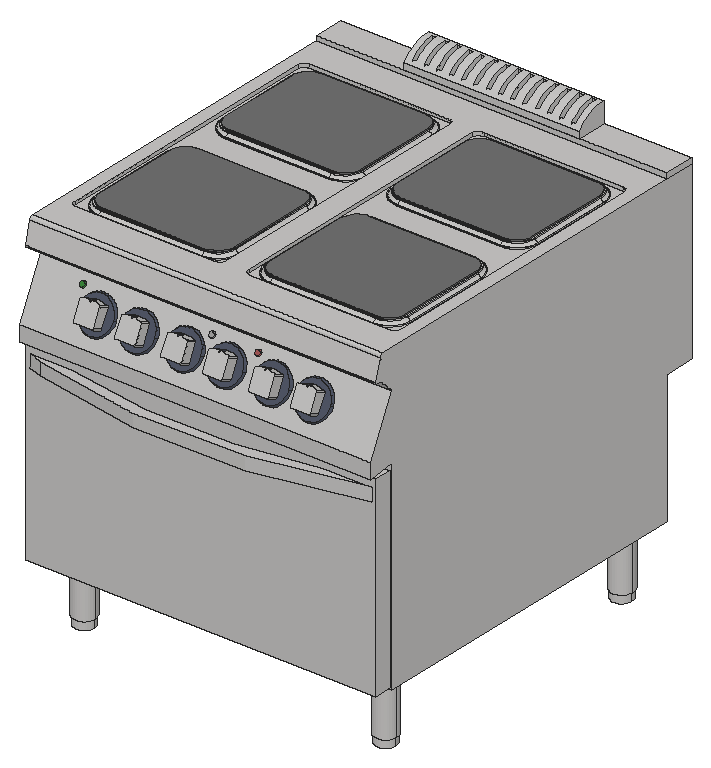
Revit family "QF_ZANUSSI_392041_Z9ECEH4QE0", category Specialty Equipment, Revit 2018 (continued)
Lines and regions (mm)
  symbolic lines
    curve 193: arc (713.275, -504.65, 266.887) -> (746.049, -518.226, 266.887) -> (759.625, -551, 266.887) r 46.35
    curve 194: line (759.625, -551, 266.887) -> (759.625, -752, 266.887)
    curve 195: arc (759.625, -752, 266.887) -> (746.049, -784.774, 266.887) -> (713.275, -798.35, 266.887) r 46.35
    curve 196: line (713.275, -798.35, 266.887) -> (478.275, -798.35, 266.887)
    curve 197: arc (478.275, -798.35, 266.887) -> (445.501, -784.774, 266.887) -> (431.925, -752, 266.887) r 46.35
    curve 198: arc (431.925, -551, 266.888) -> (445.501, -518.226, 266.888) -> (478.275, -504.65, 266.888) r 46.35
    curve 199: line (757.5, -808.885, 266.887) -> (440.249, -808.885, 266.887)
    curve 200: arc (440.249, -808.885, 266.887) -> (429.642, -804.492, 266.887) -> (425.249, -793.885, 266.887) r 15
    curve 201: line (425.249, -793.885, 266.887) -> (425.249, -158.534, 266.887)
    curve 202: arc (425.249, -158.534, 266.887) -> (429.642, -147.928, 266.887) -> (440.249, -143.534, 266.887) r 15
    curve 203: line (440.249, -143.534, 266.887) -> (757.5, -143.534, 266.887)
    curve 204: arc (757.5, -143.534, 266.887) -> (768.107, -147.928, 266.887) -> (772.5, -158.534, 266.887) r 15
    curve 205: line (772.5, -158.534, 266.887) -> (772.5, -793.885, 266.887)
    curve 206: arc (772.5, -793.885, 266.887) -> (768.107, -804.492, 266.887) -> (757.5, -808.885, 266.887) r 15
    curve 207: line (800, 0, 266.887) -> (800, -915, 266.887)
    curve 208: line (0, 0, 266.888) -> (800, 0, 266.887)
    curve 209: line (431.925, -551, 266.887) -> (431.925, -752, 266.887)
    curve 213: line (-0.05, -915, 851) -> (129.45, -915, 851)
    curve 214: line (-0.05, -900, 0) -> (799.95, -900, 0)
    curve 215: line (129.475, -900, 0) -> (129.475, -924.347, 0)
    curve 216: arc (129.475, -924.347, 0) -> (129.621, -924.811, 0) -> (130.007, -925.107, 0) r 0.809
    curve 217: arc (130.007, -925.107, 0) -> (131.195, -925.587, 0) -> (132.472, -925.68, 0) r 4.127
    curve 218: arc (129.475, -904.292, 0) -> (124.434, -902.458, 0) -> (119.666, -900, 0) r 42.24
    curve 219: arc (129.475, -906.539, 0) -> (129.977, -905.818, 0) -> (130.774, -905.448, 0) r 1.682
    curve 220: arc (130.774, -905.448, 0) -> (141.077, -903.95, 0) -> (151.475, -903.441, 0) r 109.079
    curve 221: line (151.475, -900, 0) -> (151.475, -905.671, 0)
    curve 222: line (151.475, -905.671, 0) -> (153.475, -905.671, 0)
    curve 223: line (153.475, -905.671, 0) -> (153.475, -900, 0)
    curve 224: line (175.475, -900, 0) -> (175.475, -924.347, 0)
    curve 225: arc (175.475, -924.347, 0) -> (175.329, -924.811, 0) -> (174.943, -925.107, 0) r 0.809
    curve 226: arc (174.943, -925.107, 0) -> (173.755, -925.587, 0) -> (172.478, -925.68, 0) r 4.127
    curve 227: arc (175.475, -904.292, 0) -> (180.516, -902.458, 0) -> (185.284, -900, 0) r 42.24
    curve 228: arc (175.475, -906.539, 0) -> (174.973, -905.818, 0) -> (174.176, -905.448, 0) r 1.682
    curve 229: arc (174.176, -905.448, 0) -> (163.873, -903.95, 0) -> (153.475, -903.441, 0) r 109.079
    curve 230: line (132.472, -925.68, 0) -> (172.478, -925.68, 0)
    curve 231: line (270.475, -900, 0) -> (270.475, -924.347, 0)
    curve 232: arc (270.475, -924.347, 0) -> (270.329, -924.811, 0) -> (269.943, -925.107, 0) r 0.809
    curve 233: arc (269.943, -925.107, 0) -> (268.755, -925.587, 0) -> (267.478, -925.68, 0) r 4.127
    curve 234: arc (270.475, -904.292, 0) -> (275.516, -902.458, 0) -> (280.284, -900, 0) r 42.24
    curve 235: arc (270.475, -906.539, 0) -> (269.973, -905.818, 0) -> (269.176, -905.448, 0) r 1.682
    curve 236: arc (269.176, -905.448, 0) -> (258.873, -903.95, 0) -> (248.475, -903.441, 0) r 109.079
    curve 237: line (248.475, -900, 0) -> (248.475, -905.671, 0)
    curve 238: line (248.475, -905.671, 0) -> (246.475, -905.671, 0)
    curve 239: line (246.475, -905.671, 0) -> (246.475, -900, 0)
    curve 240: line (224.475, -900, 0) -> (224.475, -924.347, 0)
    curve 241: arc (224.475, -924.347, 0) -> (224.621, -924.811, 0) -> (225.007, -925.107, 0) r 0.809
    curve 242: arc (225.007, -925.107, 0) -> (226.195, -925.587, 0) -> (227.472, -925.68, 0) r 4.127
    curve 243: arc (224.475, -904.292, 0) -> (219.434, -902.458, 0) -> (214.666, -900, 0) r 42.24
    curve 244: arc (224.475, -906.539, 0) -> (224.977, -905.818, 0) -> (225.774, -905.448, 0) r 1.682
    curve 245: arc (225.774, -905.448, 0) -> (236.077, -903.95, 0) -> (246.475, -903.441, 0) r 109.079
    curve 246: line (267.478, -925.68, 0) -> (227.472, -925.68, 0)
    curve 247: line (175.475, -915, 0) -> (224.475, -915, 0)
    curve 248: line (270.475, -915, 0) -> (329.475, -915, 0)
    curve 249: line (-0.05, -915, 0) -> (129.475, -915, 0)
    curve 250: line (529.45, -900, 0) -> (529.45, -924.347, 0)
    curve 251: arc (529.45, -924.347, 0) -> (529.596, -924.811, 0) -> (529.982, -925.107, 0) r 0.809
    curve 252: arc (529.982, -925.107, 0) -> (531.17, -925.587, 0) -> (532.447, -925.68, 0) r 4.127
    curve 253: arc (529.45, -904.292, 0) -> (524.409, -902.458, 0) -> (519.641, -900, 0) r 42.24
    curve 254: arc (529.45, -906.539, 0) -> (529.952, -905.818, 0) -> (530.749, -905.448, 0) r 1.682
    curve 255: arc (530.749, -905.448, 0) -> (541.052, -903.95, 0) -> (551.45, -903.441, 0) r 109.079
    curve 256: line (551.45, -900, 0) -> (551.45, -905.671, 0)
    curve 257: line (551.45, -905.671, 0) -> (553.45, -905.671, 0)
    curve 258: line (553.45, -905.671, 0) -> (553.45, -900, 0)
    curve 259: line (575.45, -900, 0) -> (575.45, -924.347, 0)
    curve 260: arc (575.45, -924.347, 0) -> (575.304, -924.811, 0) -> (574.918, -925.107, 0) r 0.809
    curve 261: arc (574.918, -925.107, 0) -> (573.73, -925.587, 0) -> (572.453, -925.68, 0) r 4.127
    curve 262: arc (575.45, -904.292, 0) -> (580.491, -902.458, 0) -> (585.259, -900, 0) r 42.24
    curve 263: arc (575.45, -906.539, 0) -> (574.948, -905.818, 0) -> (574.151, -905.448, 0) r 1.682
    curve 264: arc (574.151, -905.448, 0) -> (563.848, -903.95, 0) -> (553.45, -903.441, 0) r 109.079
    curve 265: line (532.447, -925.68, 0) -> (572.453, -925.68, 0)
    curve 266: line (670.475, -900, 0) -> (670.475, -924.347, 0)
    curve 267: arc (670.475, -924.347, 0) -> (670.329, -924.811, 0) -> (669.943, -925.107, 0) r 0.809
    curve 268: arc (669.943, -925.107, 0) -> (668.755, -925.587, 0) -> (667.478, -925.68, 0) r 4.127
    curve 269: arc (670.475, -904.292, 0) -> (675.516, -902.458, 0) -> (680.284, -900, 0) r 42.24
    curve 270: arc (670.475, -906.539, 0) -> (669.973, -905.818, 0) -> (669.176, -905.448, 0) r 1.682
    curve 271: arc (669.176, -905.448, 0) -> (658.873, -903.95, 0) -> (648.475, -903.441, 0) r 109.079
    curve 272: line (648.475, -900, 0) -> (648.475, -905.671, 0)
    curve 273: line (648.475, -905.671, 0) -> (646.475, -905.671, 0)
    curve 274: line (646.475, -905.671, 0) -> (646.475, -900, 0)
    curve 275: line (624.475, -900, 0) -> (624.475, -924.347, 0)
    curve 276: arc (624.475, -924.347, 0) -> (624.621, -924.811, 0) -> (625.007, -925.107, 0) r 0.809
    curve 277: arc (625.007, -925.107, 0) -> (626.195, -925.587, 0) -> (627.472, -925.68, 0) r 4.127
    curve 278: arc (624.475, -904.292, 0) -> (619.434, -902.458, 0) -> (614.666, -900, 0) r 42.24
    curve 279: arc (624.475, -906.539, 0) -> (624.977, -905.818, 0) -> (625.774, -905.448, 0) r 1.682
    curve 280: arc (625.774, -905.448, 0) -> (636.077, -903.95, 0) -> (646.475, -903.441, 0) r 109.079
    curve 281: line (667.478, -925.68, 0) -> (627.472, -925.68, 0)
    curve 282: line (575.45, -915, 0) -> (624.475, -915, 0)
    curve 283: line (670.475, -915, 0) -> (800, -915, 0)
    curve 284: line (329.475, -900, 0) -> (329.475, -924.347, 0)
    curve 285: arc (329.475, -924.347, 0) -> (329.621, -924.811, 0) -> (330.007, -925.107, 0) r 0.809
    curve 286: arc (330.007, -925.107, 0) -> (331.195, -925.587, 0) -> (332.472, -925.68, 0) r 4.127
    curve 287: arc (329.475, -904.292, 0) -> (324.434, -902.458, 0) -> (319.666, -900, 0) r 42.24
    curve 288: arc (329.475, -906.539, 0) -> (329.977, -905.818, 0) -> (330.774, -905.448, 0) r 1.682
    curve 289: arc (330.774, -905.448, 0) -> (341.077, -903.95, 0) -> (351.475, -903.441, 0) r 109.079
    curve 290: line (351.475, -900, 0) -> (351.475, -905.671, 0)
    curve 291: line (351.475, -905.671, 0) -> (353.475, -905.671, 0)
    curve 292: line (353.475, -905.671, 0) -> (353.475, -900, 0)
    curve 293: line (375.475, -900, 0) -> (375.475, -924.347, 0)
    curve 294: arc (375.475, -924.347, 0) -> (375.329, -924.811, 0) -> (374.943, -925.107, 0) r 0.809
    curve 295: arc (374.943, -925.107, 0) -> (373.755, -925.587, 0) -> (372.478, -925.68, 0) r 4.127
    curve 296: arc (375.475, -904.292, 0) -> (380.516, -902.458, 0) -> (385.284, -900, 0) r 42.24
    curve 297: arc (375.475, -906.539, 0) -> (374.973, -905.818, 0) -> (374.176, -905.448, 0) r 1.682
    curve 298: arc (374.176, -905.448, 0) -> (363.873, -903.95, 0) -> (353.475, -903.441, 0) r 109.079
    curve 299: line (332.472, -925.68, 0) -> (372.478, -925.68, 0)
    curve 300: line (470.475, -900, 0) -> (470.475, -924.347, 0)
    curve 301: arc (470.475, -924.347, 0) -> (470.329, -924.811, 0) -> (469.943, -925.107, 0) r 0.809
    curve 302: arc (469.943, -925.107, 0) -> (468.755, -925.587, 0) -> (467.478, -925.68, 0) r 4.127
    curve 303: arc (470.475, -904.292, 0) -> (475.516, -902.458, 0) -> (480.284, -900, 0) r 42.24
    curve 304: arc (470.475, -906.539, 0) -> (469.973, -905.818, 0) -> (469.176, -905.448, 0) r 1.682
    curve 305: arc (469.176, -905.448, 0) -> (458.873, -903.95, 0) -> (448.475, -903.441, 0) r 109.079
    curve 306: line (448.475, -900, 0) -> (448.475, -905.671, 0)
    curve 307: line (448.475, -905.671, 0) -> (446.475, -905.671, 0)
    curve 308: line (446.475, -905.671, 0) -> (446.475, -900, 0)
    curve 309: line (424.475, -900, 0) -> (424.475, -924.347, 0)
    curve 310: arc (424.475, -924.347, 0) -> (424.621, -924.811, 0) -> (425.007, -925.107, 0) r 0.809
    curve 311: arc (425.007, -925.107, 0) -> (426.195, -925.587, 0) -> (427.472, -925.68, 0) r 4.127
    curve 312: arc (424.475, -904.292, 0) -> (419.434, -902.458, 0) -> (414.666, -900, 0) r 42.24
    curve 313: arc (424.475, -906.539, 0) -> (424.977, -905.818, 0) -> (425.774, -905.448, 0) r 1.682
    curve 314: arc (425.774, -905.448, 0) -> (436.077, -903.95, 0) -> (446.475, -903.441, 0) r 109.079
    curve 315: line (467.478, -925.68, 0) -> (427.472, -925.68, 0)
    curve 316: line (375.475, -915, 0) -> (424.475, -915, 0)
    curve 317: line (375.475, -915, 0) -> (424.475, -915, 0)
    curve 318: line (470.475, -915, 0) -> (529.45, -915, 0)
    curve 319: arc (61.202, -914.871, 150) -> (399.703, -959.871, 150) -> (738.22, -915, 150) r 1297.5
    curve 320: arc (623.951, -915, 150) -> (599.76, -919.086, 150) -> (575.495, -922.704, 150) r 1272.5
    curve 321: arc (552.615, -925.68, 150) -> (399.95, -934.871, 150) -> (247.285, -925.68, 150) r 1272.5
    curve 322: arc (224.409, -922.705, 150) -> (200.142, -919.086, 150) -> (175.949, -915, 150) r 1272.5
  symbolic lines, style "QF_Door-Drawer Clearances"
    curve 210: line (0, -1309.314, 266.888) -> (800, -1309.314, 266.887)
    curve 211: line (800, -1309.314, 266.887) -> (800, -915, 266.887)
    curve 212: line (0, -1309.314, 266.888) -> (0, -915, 266.888)
Dimensions and locks
  equal spacing: plane 3 "LEFT", plane 7 "Center Y", plane 4 "RIGHT"
  "Width": plane 3 "LEFT" to plane 4 "RIGHT"
  equal spacing: plane 5 "FRONT", plane 8 "Center X", plane 1 "BACK"
  "Depth": plane 5 "FRONT" to plane 1 "BACK"
  "Height": plane 17 to level
  "Base Height": plane 9 "BASE" to level
  plane 1 "BACK" to plane 5 "FRONT" = 915 mm
  plane 9 "BASE" to plane 2 = 150 mm
  plane 12 to plane 1 "BACK" = 128 mm
  plane 10 to plane 12 = 674 mm
  plane 17 to plane 6 "TOP" = 58 mm
  plane 18 to plane 1 "BACK" = 1309 mm
  Extrusion 8 sketch curve to plane 1 "BACK" = 713 mm
  Extrusion 8 sketch curve to plane 4 "RIGHT" = 47 mm
  Extrusion 9 sketch curve to plane 1 "BACK" = 576 mm
  Extrusion 9 sketch curve to plane 4 "RIGHT" = 43 mm
  plane 5 "FRONT" to plane 11 = 15 mm
  aligned and locked: level to plane 2
  aligned and locked: plane 17 to Extrusion 3
Automatic sketch dimensions
  plane 5 "FRONT" to curve 3 = 0 mm
  plane 5 "FRONT" to curve 1 = 0 mm
  plane 7 "Center Y" to curve 95 = 9.346 mm
  curve 93 to curve 95 = 9.296 mm
  curve 99 to curve 93 = 18.668 mm
  curve 98 to curve 98 = 9.296 mm
  plane 1 "BACK" to curve 104 = 6.761 mm
  curve 104 to curve 97 = 18.693 mm
  curve 101 to curve 103 = 9.296 mm
  plane 1 "BACK" to curve 108 = 6.761 mm
  curve 108 to curve 101 = 18.693 mm
  curve 105 to curve 107 = 9.296 mm
  plane 1 "BACK" to curve 112 = 6.761 mm
  curve 112 to curve 105 = 18.693 mm
  curve 109 to curve 111 = 9.296 mm
  plane 1 "BACK" to curve 115 = 6.761 mm
  curve 115 to curve 109 = 18.693 mm
  curve 113 to curve 115 = 9.296 mm
  plane 1 "BACK" to curve 67 = 6.761 mm
  curve 67 to curve 113 = 18.693 mm
  curve 65 to curve 66 = 9.296 mm
  curve 117 to curve 65 = 13.453 mm
  plane 4 "RIGHT" to curve 3 = 100.019 mm
  curve 90 to plane 7 "Center Y" = 9.346 mm
  curve 89 to curve 92 = 9.296 mm
  plane 1 "BACK" to curve 85 = 6.761 mm
  curve 91 to curve 85 = 18.693 mm
  curve 85 to curve 86 = 9.296 mm
  plane 1 "BACK" to curve 84 = 6.761 mm
  curve 87 to curve 84 = 18.693 mm
  curve 81 to curve 83 = 9.296 mm
  plane 1 "BACK" to curve 80 = 6.761 mm
  curve 83 to curve 80 = 18.693 mm
  curve 77 to curve 79 = 9.296 mm
  plane 1 "BACK" to curve 73 = 6.761 mm
  curve 79 to curve 73 = 18.693 mm
  curve 73 to curve 74 = 9.296 mm
  plane 1 "BACK" to curve 69 = 6.761 mm
  curve 75 to curve 69 = 18.693 mm
  curve 69 to curve 70 = 9.296 mm
  plane 1 "BACK" to curve 64 = 6.761 mm
  curve 71 to curve 64 = 18.693 mm
  curve 61 to curve 63 = 9.296 mm
  curve 62 to curve 117 = 13.428 mm
  curve 1 to plane 3 "LEFT" = 100.019 mm
  curve 1 to plane 1 "BACK" = 100.019 mm
  plane 1 "BACK" to curve 100 = 6.761 mm
  plane 1 "BACK" to curve 96 = 6.761 mm
  plane 1 "BACK" to curve 92 = 6.761 mm
  curve 87 to curve 87 = 55.162 mm
  curve 83 to curve 86 = 0 mm
  curve 85 to curve 89 = 0 mm
  curve 79 to curve 82 = 0 mm
  curve 89 to curve 93 = 0 mm
  curve 75 to curve 78 = 0 mm
  curve 93 to curve 97 = 0 mm
  curve 71 to curve 74 = 0 mm
  curve 97 to curve 101 = 0 mm
  curve 67 to curve 67 = 55.162 mm
  curve 101 to curve 105 = 0 mm
  curve 63 to curve 70 = 0 mm
  curve 105 to curve 109 = 0 mm
  curve 109 to curve 115 = 0 mm
  curve 65 to curve 117 = 7.927 mm
  curve 12 to curve 20 = 0 mm  (x2)
  curve 12 to curve 28 = 0 mm  (x2)
  curve 12 to curve 36 = 0 mm  (x2)
  curve 14 to curve 22 = 0 mm  (x2)
  curve 14 to curve 34 = 0 mm  (x2)
  curve 16 to curve 24 = 0 mm  (x2)
  curve 16 to curve 32 = 0 mm
  curve 18 to curve 26 = 0 mm
  curve 18 to curve 30 = 0 mm  (x2)
  curve 18 to curve 42 = 0 mm  (x2)
  curve 32 to curve 40 = 0 mm  (x2)
  curve 34 to curve 38 = 0 mm
  curve 44 to curve 52 = 0 mm
  curve 44 to curve 161 = 0 mm
  curve 46 to curve 54 = 0 mm  (x2)
  curve 46 to curve 157 = 0 mm  (x2)
  curve 46 to curve 163 = 0 mm  (x2)
  curve 48 to curve 56 = 0 mm  (x2)
  curve 48 to curve 155 = 0 mm  (x2)
  curve 48 to curve 165 = 0 mm  (x2)
  curve 50 to curve 58 = 0 mm  (x2)
  curve 58 to curve 153 = 0 mm
  curve 58 to curve 167 = 0 mm
  curve 120 to curve 128 = 0 mm  (x2)
  curve 120 to curve 136 = 0 mm  (x2)
  curve 122 to curve 130 = 0 mm  (x2)
  curve 124 to curve 132 = 0 mm  (x2)
  curve 126 to curve 134 = 0 mm
  curve 130 to curve 142 = 0 mm  (x2)
  curve 132 to curve 140 = 0 mm
  curve 134 to curve 150 = 0 mm  (x2)
  curve 136 to curve 144 = 0 mm
  curve 138 to curve 150 = 0 mm  (x2)
  curve 140 to curve 148 = 0 mm  (x2)
  curve 142 to curve 146 = 0 mm  (x2)
  curve 153 to curve 167 = 0 mm
  curve 159 to curve 161 = 0 mm  (x2)
  curve 168 to curve 183 = 0 mm  (x2)
  curve 170 to curve 197 = 0 mm  (x2)
  curve 172 to curve 188 = 0 mm
  curve 172 to curve 195 = 0 mm  (x2)
  curve 174 to curve 181 = 0 mm
  curve 174 to curve 193 = 0 mm
  curve 177 to curve 186 = 0 mm
  curve 177 to curve 197 = 0 mm  (x2)
  curve 179 to curve 195 = 0 mm  (x2)
  curve 181 to curve 193 = 0 mm
  curve 183 to curve 198 = 0 mm
  curve 184 to curve 198 = 0 mm  (x2)
  curve 186 to curve 197 = 0 mm
  curve 188 to curve 195 = 0 mm
  curve 190 to curve 193 = 0 mm
  plane 1 "BACK" to curve 119 = 0 mm
  curve 210 to plane 3 "LEFT" = 0 mm
  curve 206 to plane 10 = 8.115 mm
  curve 206 to plane 4 "RIGHT" = 27.5 mm
  plane 16 to curve 189 = 17.339 mm
  plane 16 to curve 145 = 17.339 mm
  curve 190 to curve 194 = 1.714 mm
  curve 144 to curve 143 = 1.714 mm
  plane 10 to curve 199 = 6.885 mm
  plane 16 to curve 204 = 13.5 mm
  curve 136 to curve 129 = 6.35 mm
  curve 193 to curve 181 = 6.35 mm
  curve 179 to curve 172 = 3 mm
  curve 128 to curve 120 = 3 mm
  curve 146 to plane 16 = 30.725 mm
  curve 172 to plane 16 = 30.725 mm
  curve 144 to plane 16 = 30.725 mm
  curve 174 to plane 16 = 30.725 mm
  plane 12 to curve 119 = 58.15 mm
  curve 144 to curve 119 = 113.275 mm
  curve 178 to plane 10 = 10 mm
  plane 7 "Center Y" to curve 178 = 78.275 mm
  plane 14 to curve 184 = 32 mm
  plane 7 "Center Y" to curve 184 = 78.275 mm
  curve 134 to plane 12 = 32.419 mm
  plane 7 "Center Y" to curve 134 = 78.275 mm
  plane 8 "Center X" to curve 132 = 35.581 mm
  curve 132 to curve 191 = 0 mm
  curve 126 to curve 125 = 37 mm
  curve 170 to curve 170 = 37 mm
  curve 186 to curve 200 = 38.026 mm
  curve 202 to plane 12 = 30.534 mm
  curve 134 to curve 202 = 38.026 mm
  curve 202 to curve 202 = 15 mm
  curve 10 to plane 10 = 8.115 mm
  curve 10 to plane 7 "Center Y" = 25.249 mm
  curve 9 to plane 7 "Center Y" = 25.249 mm
  curve 166 to plane 7 "Center Y" = 30.211 mm
  curve 40 to plane 7 "Center Y" = 30.211 mm
  curve 166 to curve 154 = 1.714 mm
  curve 41 to curve 30 = 1.714 mm
  curve 153 to curve 50 = 6.35 mm
  curve 31 to curve 25 = 6.35 mm
  curve 10 to curve 10 = 15 mm
  curve 9 to plane 12 = 15.534 mm
  curve 9 to curve 9 = 15 mm
  curve 49 to curve 56 = 3 mm
  curve 24 to curve 16 = 3 mm
  curve 156 to plane 10 = 3.65 mm
  curve 10 to curve 156 = 38.026 mm
  curve 160 to plane 8 "Center X" = 37.936 mm
  curve 57 to curve 160 = 37 mm
  curve 9 to curve 29 = 38.026 mm
  plane 8 "Center X" to curve 15 = 38.581 mm
  curve 17 to curve 15 = 37 mm
  curve 118 to plane 15 = 144 mm
  curve 19 to plane 15 = 30.725 mm
  curve 163 to plane 15 = 30.725 mm
  curve 22 to plane 15 = 30.725 mm
  curve 161 to plane 15 = 30.725 mm
  plane 15 to curve 13 = 6.275 mm
  plane 15 to curve 52 = 6.275 mm
  plane 15 to curve 8 = 13.5 mm
  plane 15 to curve 11 = 13.5 mm
  curve 8 to curve 8 = 15 mm
  curve 11 to curve 11 = 15 mm
  plane 12 to curve 118 = 58.15 mm
  curve 8 to plane 12 = 15.534 mm
  curve 36 to plane 12 = 24.355 mm
  curve 11 to plane 10 = 8.115 mm
  curve 210 to plane 18 = 0.314 mm
  curve 6 to plane 7 "Center Y" = 25.249 mm
  curve 6 to curve 5 = 15 mm
  plane 10 to curve 7 = 6.885 mm
  curve 6 to curve 7 = 15 mm
  plane 15 to curve 5 = 13.5 mm
  plane 15 to curve 7 = 13.5 mm
  curve 5 to curve 4 = 15 mm
  curve 4 to plane 10 = 8.115 mm
  curve 6 to plane 10 = 8.115 mm
  curve 6 to plane 12 = 30.534 mm
  curve 4 to plane 12 = 30.534 mm
  curve 5 to plane 12 = 15.534 mm
  Extrusion 2 sketch curve to plane 4 "RIGHT" = 27.5 mm
  plane 16 to Extrusion 2 sketch curve = 13.5 mm  (x2)
  plane 10 to Extrusion 2 sketch curve = 6.885 mm  (x2)
  Extrusion 2 sketch curve to plane 10 = 8.115 mm  (x3)
  plane 7 "Center Y" to Extrusion 2 sketch curve = 40.249 mm
  Extrusion 2 sketch curve to plane 12 = 15.534 mm  (x2)
  Extrusion 2 sketch curve to Extrusion 2 sketch curve = 15 mm  (x2)
  Extrusion 2 sketch curve to plane 7 "Center Y" = 25.249 mm
  plane 15 to Extrusion 2 sketch curve = 13.5 mm  (x2)
  plane 5 "FRONT" to Extrusion 3 sketch curve = 0 mm  (x2)
  Extrusion 3 sketch curve to plane 3 "LEFT" = 0 mm
  Extrusion 3 sketch curve to plane 4 "RIGHT" = 0 mm
  plane 1 "BACK" to Extrusion 3 sketch curve = 0 mm
  Extrusion 3 sketch curve to plane 3 "LEFT" = 100.019 mm
  plane 4 "RIGHT" to Extrusion 3 sketch curve = 100.019 mm
  Extrusion 3 sketch curve to plane 1 "BACK" = 100.019 mm
  Extrusion 4 sketch curve to Extrusion 2 = 19.225 mm  (x4)
  Extrusion 4 sketch curve to Extrusion 2 = 16.885 mm  (x3)
  Extrusion 4 sketch curve to Extrusion 4 sketch curve = 40 mm  (x6)
  Extrusion 4 sketch curve to Extrusion 2 = 53.026 mm  (x6)
  Extrusion 4 sketch curve to Extrusion 2 = 13.026 mm  (x4)
  Extrusion 4 sketch curve to Extrusion 2 = 59.225 mm  (x4)
  Extrusion 4 sketch curve to Extrusion 4 sketch curve = 189 mm
  Extrusion 4 sketch curve to Extrusion 4 sketch curve = 0 mm
  Extrusion 4 sketch curve to Extrusion 4 sketch curve = 81.581 mm  (x2)
  Extrusion 4 sketch curve to Extrusion 2 = 56.885 mm
  Sweep 5 sketch curve to Extrusion 4 = 40 mm
  Sweep 5 sketch curve to Sweep 5 sketch curve = 40 mm
  profile plane to Sweep 5 sketch curve = 0 mm
  profile plane to Sweep 5 sketch curve = 6.35 mm
  Sweep 5 sketch curve to Sweep 5 sketch curve = 1.714 mm
  profile plane to Sweep 5 sketch curve = 4.181 mm
  profile plane to Sweep 5 sketch curve = 12.291 mm
  Sweep 5 sketch curve to profile plane = 1.759 mm
  Sweep 5 sketch curve to Sweep 5 sketch curve = 1.891 mm
  Sweep 6 sketch curve to Extrusion 4 = 40 mm  (x2)
  profile plane to Sweep 6 sketch curve = 0 mm
  profile plane to Sweep 6 sketch curve = 6.35 mm
  Sweep 6 sketch curve to Sweep 6 sketch curve = 1.714 mm
  profile plane to Sweep 6 sketch curve = 4.181 mm
  profile plane to Sweep 6 sketch curve = 12.291 mm
  Sweep 6 sketch curve to profile plane = 1.759 mm
  Sweep 6 sketch curve to Sweep 6 sketch curve = 1.891 mm
  Extrusion 7 sketch curve to Extrusion 4 = 40 mm  (x6)
  Extrusion 7 sketch curve to Extrusion 7 sketch curve = 37 mm  (x2)
  plane 1 "BACK" to Extrusion 10 sketch curve = 6.761 mm
  Extrusion 10 sketch curve to plane 15 = 166.749 mm
  Extrusion 10 sketch curve to Extrusion 10 sketch curve = 9.296 mm
  Extrusion 10 sketch curve to Extrusion 10 sketch curve = 55.162 mm
  Extrusion 11 sketch curve to plane 1 "BACK" = 6.761 mm
  plane 16 to Extrusion 11 sketch curve = 166.749 mm
  Extrusion 11 sketch curve to Extrusion 11 sketch curve = 9.296 mm
  Extrusion 11 sketch curve to Extrusion 11 sketch curve = 55.162 mm
  plane 1 "BACK" to Extrusion 12 sketch curve = 6.761 mm
  Extrusion 12 sketch curve to plane 7 "Center Y" = 149.263 mm
  Extrusion 12 sketch curve to Extrusion 12 sketch curve = 9.296 mm
  Extrusion 12 sketch curve to Extrusion 12 sketch curve = 55.162 mm
  plane 1 "BACK" to Extrusion 13 sketch curve = 6.761 mm
  Extrusion 13 sketch curve to plane 7 "Center Y" = 121.275 mm
  Extrusion 13 sketch curve to Extrusion 13 sketch curve = 9.296 mm
  Extrusion 13 sketch curve to Extrusion 13 sketch curve = 55.162 mm
  plane 1 "BACK" to Extrusion 14 sketch curve = 6.761 mm
  Extrusion 14 sketch curve to plane 7 "Center Y" = 93.311 mm
  Extrusion 14 sketch curve to Extrusion 14 sketch curve = 9.296 mm
  Extrusion 14 sketch curve to Extrusion 14 sketch curve = 55.162 mm
  plane 1 "BACK" to Extrusion 15 sketch curve = 6.761 mm
  Extrusion 15 sketch curve to plane 7 "Center Y" = 65.323 mm
  Extrusion 15 sketch curve to Extrusion 15 sketch curve = 9.296 mm
  Extrusion 15 sketch curve to Extrusion 15 sketch curve = 55.162 mm
  plane 1 "BACK" to Extrusion 16 sketch curve = 6.761 mm
  Extrusion 16 sketch curve to plane 7 "Center Y" = 37.335 mm
  Extrusion 16 sketch curve to Extrusion 16 sketch curve = 9.296 mm
  Extrusion 16 sketch curve to Extrusion 16 sketch curve = 55.162 mm
  Extrusion 17 sketch curve to plane 7 "Center Y" = 9.346 mm
  Extrusion 17 sketch curve to Extrusion 17 sketch curve = 9.296 mm
  plane 1 "BACK" to Extrusion 17 sketch curve = 6.761 mm
  Extrusion 17 sketch curve to Extrusion 17 sketch curve = 55.162 mm
  plane 1 "BACK" to Extrusion 18 sketch curve = 6.761 mm
  plane 7 "Center Y" to Extrusion 18 sketch curve = 18.642 mm
  Extrusion 18 sketch curve to Extrusion 18 sketch curve = 9.296 mm
  Extrusion 18 sketch curve to Extrusion 18 sketch curve = 55.162 mm
  plane 1 "BACK" to Extrusion 19 sketch curve = 6.761 mm
  plane 7 "Center Y" to Extrusion 19 sketch curve = 46.63 mm
  Extrusion 19 sketch curve to Extrusion 19 sketch curve = 9.296 mm
  Extrusion 19 sketch curve to Extrusion 19 sketch curve = 55.162 mm
  plane 1 "BACK" to Extrusion 20 sketch curve = 6.761 mm
  plane 7 "Center Y" to Extrusion 20 sketch curve = 74.619 mm
  Extrusion 20 sketch curve to Extrusion 20 sketch curve = 9.296 mm
  Extrusion 20 sketch curve to Extrusion 20 sketch curve = 55.162 mm
  plane 1 "BACK" to Extrusion 21 sketch curve = 6.761 mm
  plane 7 "Center Y" to Extrusion 21 sketch curve = 102.582 mm
  Extrusion 21 sketch curve to Extrusion 21 sketch curve = 9.296 mm
  Extrusion 21 sketch curve to Extrusion 21 sketch curve = 55.162 mm
  plane 1 "BACK" to Extrusion 22 sketch curve = 6.761 mm
  plane 7 "Center Y" to Extrusion 22 sketch curve = 130.57 mm
  Extrusion 22 sketch curve to Extrusion 22 sketch curve = 9.296 mm
  Extrusion 22 sketch curve to Extrusion 22 sketch curve = 55.162 mm
  plane 1 "BACK" to Extrusion 23 sketch curve = 6.761 mm
  plane 7 "Center Y" to Extrusion 23 sketch curve = 158.559 mm
  Extrusion 23 sketch curve to Extrusion 23 sketch curve = 9.296 mm
  Extrusion 23 sketch curve to Extrusion 23 sketch curve = 55.162 mm
  Sweep 24 sketch curve to Extrusion 4 = 40 mm
  Sweep 24 sketch curve to Sweep 24 sketch curve = 40 mm
  profile plane to Sweep 24 sketch curve = 0 mm
  Sweep 24 sketch curve to profile plane = 6.35 mm
  Sweep 24 sketch curve to Sweep 24 sketch curve = 1.714 mm
  profile plane to Sweep 24 sketch curve = 4.181 mm
  Sweep 24 sketch curve to profile plane = 12.291 mm
  Sweep 24 sketch curve to profile plane = 1.759 mm
  Sweep 24 sketch curve to Sweep 24 sketch curve = 1.891 mm
  Sweep 25 sketch curve to Extrusion 4 = 40 mm  (x2)
  profile plane to Sweep 25 sketch curve = 0 mm
  Sweep 25 sketch curve to profile plane = 6.35 mm
  Sweep 25 sketch curve to Sweep 25 sketch curve = 1.714 mm
  profile plane to Sweep 25 sketch curve = 4.181 mm
  Sweep 25 sketch curve to profile plane = 12.291 mm
  Sweep 25 sketch curve to profile plane = 1.759 mm
  Sweep 25 sketch curve to Sweep 25 sketch curve = 1.891 mm
  Revolve 26 sketch curve to plane 9 "BASE" = 0 mm  (x2)
  Revolve 26 sketch curve to level = 0 mm
  Revolve 26 sketch curve to plane 16 = 0 mm  (x2)
  Revolve 26 sketch curve to plane 16 = 22.9 mm
  Revolve 26 sketch curve to Revolve 26 sketch curve = 2.5 mm
  level to Revolve 26 sketch curve = 19.05 mm
  plane 9 "BASE" to Revolve 26 sketch curve = 20 mm
  Revolve 27 sketch curve to plane 9 "BASE" = 0 mm  (x2)
  Revolve 27 sketch curve to level = 0 mm
  plane 15 to Revolve 27 sketch curve = 0 mm  (x2)
  plane 15 to Revolve 27 sketch curve = 22.9 mm
  Revolve 27 sketch curve to Revolve 27 sketch curve = 2.5 mm
  level to Revolve 27 sketch curve = 19.05 mm
  plane 9 "BASE" to Revolve 27 sketch curve = 20 mm
  Revolve 28 sketch curve to plane 9 "BASE" = 0 mm  (x2)
  Revolve 28 sketch curve to level = 0 mm
  Revolve 28 sketch curve to plane 16 = 0 mm  (x2)
  Revolve 28 sketch curve to plane 16 = 22.9 mm
  Revolve 28 sketch curve to Revolve 28 sketch curve = 2.5 mm
  level to Revolve 28 sketch curve = 19.05 mm
  plane 9 "BASE" to Revolve 28 sketch curve = 20 mm
  Revolve 29 sketch curve to plane 9 "BASE" = 0 mm  (x2)
  Revolve 29 sketch curve to level = 0 mm
  plane 15 to Revolve 29 sketch curve = 0 mm  (x2)
  plane 15 to Revolve 29 sketch curve = 22.9 mm
  Revolve 29 sketch curve to Revolve 29 sketch curve = 2.5 mm
  level to Revolve 29 sketch curve = 19.05 mm
  plane 9 "BASE" to Revolve 29 sketch curve = 20 mm
  Extrusion 30 sketch curve to plane 1 "BACK" = 0 mm
  plane 1 "BACK" to Extrusion 30 sketch curve = 1.769 mm
  plane 6 "TOP" to Extrusion 30 sketch curve = 25.4 mm
  plane 12 to Extrusion 30 sketch curve = 58.15 mm
  plane 6 "TOP" to Extrusion 30 sketch curve = 11.923 mm
  Extrusion 30 sketch curve to plane 6 "TOP" = 27.335 mm
  curve 210 to plane 4 "RIGHT" = 0 mm
  plane 5 "FRONT" to curve 60 = 0 mm
  plane 5 "FRONT" to curve 207 = 0 mm
  plane 5 "FRONT" to Extrusion 1 sketch curve = 0 mm
  Extrusion 1 sketch curve to Extrusion 1 sketch curve = 15 mm
  Extrusion 1 sketch curve to plane 6 "TOP" = 52.989 mm
  Extrusion 1 sketch curve to plane 5 "FRONT" = 15.116 mm
  Extrusion 1 sketch curve to Extrusion 1 sketch curve = 2.884 mm
  Extrusion 1 sketch curve to plane 17 = 65.474 mm
  Extrusion 1 sketch curve to Extrusion 1 sketch curve = 13.051 mm
  Extrusion 1 sketch curve to Extrusion 1 sketch curve = 10.198 mm
  Extrusion 1 sketch curve to Extrusion 1 sketch curve = 7.474 mm
  Extrusion 1 sketch curve to Extrusion 1 sketch curve = 40 mm
  Extrusion 1 sketch curve to Extrusion 1 sketch curve = 1.355 mm
  Extrusion 1 sketch curve to Extrusion 1 sketch curve = 0.445 mm
  Extrusion 1 sketch curve to Extrusion 1 sketch curve = 5 mm  (x2)
  Extrusion 1 sketch curve to plane 6 "TOP" = 88.636 mm
  Extrusion 1 sketch curve to Extrusion 1 sketch curve = 31.82 mm
  plane 12 to Extrusion 1 sketch curve = 56.562 mm
  plane 12 to Extrusion 1 sketch curve = 128 mm
  Extrusion 1 sketch curve to Extrusion 1 sketch curve = 120.856 mm
  Extrusion 1 sketch curve to Extrusion 1 sketch curve = 27.08 mm
  Extrusion 1 sketch curve to Extrusion 1 sketch curve = 35 mm
  Extrusion 1 sketch curve to Extrusion 1 sketch curve = 5.508 mm
  Extrusion 1 sketch curve to plane 6 "TOP" = 399.962 mm
  plane 9 "BASE" to Extrusion 1 sketch curve = 5 mm
  Extrusion 1 sketch curve to Extrusion 1 sketch curve = 3.827 mm
  Extrusion 31 sketch curve to Extrusion 1 = 0 mm  (x2)
  Extrusion 1 to Extrusion 31 sketch curve = 1.588 mm
  Extrusion 1 to Extrusion 31 sketch curve = 11.923 mm
  Split face 2 sketch curve to Split face 2 sketch curve = 6 mm
  Split face 2 sketch curve to Split face 2 sketch curve = 10 mm
  Split face 3 sketch curve to Split face 3 sketch curve = 5 mm
  Split face 3 sketch curve to Split face 3 sketch curve = 9 mm
  Split face 4 sketch curve to Split face 4 sketch curve = 5 mm
  Split face 5 sketch curve to Split face 5 sketch curve = 5 mm
  Split face 6 sketch curve to Split face 6 sketch curve = 6 mm
  Split face 6 sketch curve to Split face 6 sketch curve = 10 mm
  Split face 7 sketch curve to Split face 7 sketch curve = 5 mm
  Split face 7 sketch curve to Split face 7 sketch curve = 9 mm
  Split face 8 sketch curve to Split face 8 sketch curve = 5 mm
  Split face 9 sketch curve to Split face 9 sketch curve = 5 mm
  Split face 31 sketch curve to Split face 31 sketch curve = 6 mm
  Split face 31 sketch curve to Split face 31 sketch curve = 10 mm
  Split face 32 sketch curve to Split face 32 sketch curve = 5 mm
  Split face 32 sketch curve to Split face 32 sketch curve = 9 mm
  Split face 33 sketch curve to Split face 33 sketch curve = 5 mm
  Split face 34 sketch curve to Split face 34 sketch curve = 5 mm
  Split face 35 sketch curve to Split face 35 sketch curve = 6 mm
  Split face 35 sketch curve to Split face 35 sketch curve = 10 mm
  Split face 36 sketch curve to Split face 36 sketch curve = 5 mm
  Split face 36 sketch curve to Split face 36 sketch curve = 9 mm
  Split face 37 sketch curve to Split face 37 sketch curve = 5 mm
  Split face 38 sketch curve to Split face 38 sketch curve = 5 mm
  Split face 47 sketch curve to Split face 47 sketch curve = 6 mm
  Split face 47 sketch curve to Split face 47 sketch curve = 2 mm
  Split face 48 sketch curve to Split face 48 sketch curve = 6 mm
  Split face 48 sketch curve to Split face 48 sketch curve = 2 mm
  Split face 49 sketch curve to Split face 49 sketch curve = 6 mm
  Split face 49 sketch curve to Split face 49 sketch curve = 2 mm
  Extrusion 32 sketch curve to plane 18 = 1 mm
  plane 9 "BASE" to Extrusion 32 sketch curve = 5 mm
  Extrusion 32 sketch curve to plane 11 = 15.162 mm
  plane 9 "BASE" to Extrusion 32 sketch curve = 5.442 mm
  Extrusion 32 sketch curve to Extrusion 32 sketch curve = 19.837 mm
  Blend 33 sketch curve to plane 15 = 96.5 mm  (x2)
  Extrusion 34 sketch curve to plane 15 = 73.5 mm
  Extrusion 34 sketch curve to Extrusion 34 sketch curve = 2.997 mm  (x3)
  Extrusion 34 sketch curve to Extrusion 34 sketch curve = 20.003 mm  (x2)
  Extrusion 34 sketch curve to Extrusion 34 sketch curve = 40.005 mm
  Extrusion 34 sketch curve to Extrusion 34 sketch curve = 5.399 mm
  Extrusion 34 sketch curve to Extrusion 34 sketch curve = 40.037 mm
  Extrusion 34 sketch curve to Extrusion 34 sketch curve = 0 mm  (x2)
  plane 11 to Extrusion 35 sketch curve = 5.671 mm
  Extrusion 35 sketch curve to plane 6 "TOP" = 111.016 mm
  Extrusion 35 sketch curve to Extrusion 35 sketch curve = 3 mm
  Extrusion 35 sketch curve to Extrusion 35 sketch curve = 0 mm  (x2)
  Extrusion 35 sketch curve to Extrusion 35 sketch curve = 1 mm
  Extrusion 35 sketch curve to Extrusion 35 sketch curve = 15 mm
  Extrusion 36 sketch curve to plane 15 = 79 mm
  Extrusion 36 sketch curve to Extrusion 36 sketch curve = 35 mm  (x2)
  plane 11 to Extrusion 37 sketch curve = 5.671 mm
  Extrusion 37 sketch curve to plane 6 "TOP" = 111.016 mm
  Extrusion 37 sketch curve to Extrusion 37 sketch curve = 3 mm
  Extrusion 37 sketch curve to Extrusion 37 sketch curve = 0 mm
  Extrusion 37 sketch curve to Extrusion 37 sketch curve = 1 mm  (x2)
  Extrusion 37 sketch curve to Extrusion 37 sketch curve = 15 mm
  Extrusion 38 sketch curve to plane 7 "Center Y" = 135.05 mm
  Extrusion 38 sketch curve to Extrusion 38 sketch curve = 35 mm  (x2)
  Blend 39 sketch curve to plane 7 "Center Y" = 152.55 mm  (x2)
  Extrusion 40 sketch curve to plane 7 "Center Y" = 129.55 mm
  Extrusion 40 sketch curve to Extrusion 40 sketch curve = 2.997 mm  (x3)
  Extrusion 40 sketch curve to Extrusion 40 sketch curve = 20.003 mm  (x2)
  Extrusion 40 sketch curve to Extrusion 40 sketch curve = 40.005 mm
  Extrusion 40 sketch curve to Extrusion 40 sketch curve = 0 mm  (x2)
  Extrusion 40 sketch curve to Extrusion 40 sketch curve = 40.037 mm
  Extrusion 40 sketch curve to Extrusion 40 sketch curve = 5.399 mm
  plane 7 "Center Y" to Blend 41 sketch curve = 47.45 mm  (x2)
  plane 7 "Center Y" to Extrusion 42 sketch curve = 24.45 mm
  Extrusion 42 sketch curve to Extrusion 42 sketch curve = 2.997 mm  (x3)
  Extrusion 42 sketch curve to Extrusion 42 sketch curve = 20.003 mm  (x2)
  Extrusion 42 sketch curve to Extrusion 42 sketch curve = 40.005 mm
  Extrusion 42 sketch curve to Extrusion 42 sketch curve = 5.399 mm
  Extrusion 42 sketch curve to Extrusion 42 sketch curve = 40.037 mm
  Extrusion 42 sketch curve to Extrusion 42 sketch curve = 0 mm  (x2)
  plane 7 "Center Y" to Blend 43 sketch curve = 152.45 mm  (x2)
  plane 7 "Center Y" to Extrusion 44 sketch curve = 129.45 mm
  Extrusion 44 sketch curve to Extrusion 44 sketch curve = 2.997 mm  (x3)
  Extrusion 44 sketch curve to Extrusion 44 sketch curve = 20.003 mm  (x2)
  Extrusion 44 sketch curve to Extrusion 44 sketch curve = 40.005 mm
  Extrusion 44 sketch curve to Extrusion 44 sketch curve = 5.399 mm
  Extrusion 44 sketch curve to Extrusion 44 sketch curve = 40.037 mm
  Extrusion 44 sketch curve to Extrusion 44 sketch curve = 0 mm  (x2)
  plane 11 to Extrusion 45 sketch curve = 5.671 mm
  Extrusion 45 sketch curve to plane 6 "TOP" = 111.016 mm
  Extrusion 45 sketch curve to Extrusion 45 sketch curve = 3 mm
  Extrusion 45 sketch curve to Extrusion 45 sketch curve = 0 mm  (x2)
  Extrusion 45 sketch curve to Extrusion 45 sketch curve = 1 mm
  Extrusion 45 sketch curve to Extrusion 45 sketch curve = 15 mm
  plane 7 "Center Y" to Extrusion 46 sketch curve = 134.95 mm
  Extrusion 46 sketch curve to Extrusion 46 sketch curve = 35 mm  (x2)
  plane 11 to Extrusion 47 sketch curve = 5.671 mm
  Extrusion 47 sketch curve to plane 6 "TOP" = 111.016 mm
  Extrusion 47 sketch curve to Extrusion 47 sketch curve = 3 mm
  Extrusion 47 sketch curve to Extrusion 47 sketch curve = 0 mm
  Extrusion 47 sketch curve to Extrusion 47 sketch curve = 1 mm  (x2)
  Extrusion 47 sketch curve to Extrusion 47 sketch curve = 15 mm
  Extrusion 48 sketch curve to plane 16 = 79.1 mm
  Extrusion 48 sketch curve to Extrusion 48 sketch curve = 35 mm  (x2)
  Blend 49 sketch curve to plane 16 = 96.6 mm  (x2)
  Extrusion 50 sketch curve to plane 16 = 73.6 mm
  Extrusion 50 sketch curve to Extrusion 50 sketch curve = 2.997 mm  (x3)
  Extrusion 50 sketch curve to Extrusion 50 sketch curve = 20.003 mm  (x2)
  Extrusion 50 sketch curve to Extrusion 50 sketch curve = 40.005 mm
  Extrusion 50 sketch curve to Extrusion 50 sketch curve = 0 mm  (x2)
  Extrusion 50 sketch curve to Extrusion 50 sketch curve = 40.037 mm
  Extrusion 50 sketch curve to Extrusion 50 sketch curve = 5.399 mm
  plane 11 to Extrusion 51 sketch curve = 5.671 mm
  Extrusion 51 sketch curve to plane 6 "TOP" = 111.016 mm
  Extrusion 51 sketch curve to Extrusion 51 sketch curve = 3 mm
  Extrusion 51 sketch curve to Extrusion 51 sketch curve = 0 mm
  Extrusion 51 sketch curve to Extrusion 51 sketch curve = 1 mm  (x2)
  Extrusion 51 sketch curve to Extrusion 51 sketch curve = 15 mm
  Extrusion 52 sketch curve to plane 7 "Center Y" = 30.05 mm
  Extrusion 52 sketch curve to Extrusion 52 sketch curve = 35 mm  (x2)
  Extrusion 53 sketch curve to plane 7 "Center Y" = 24.55 mm
  Extrusion 53 sketch curve to Extrusion 53 sketch curve = 2.997 mm  (x3)
  Extrusion 53 sketch curve to Extrusion 53 sketch curve = 20.003 mm  (x2)
  Extrusion 53 sketch curve to Extrusion 53 sketch curve = 40.005 mm
  Extrusion 53 sketch curve to Extrusion 53 sketch curve = 0 mm  (x2)
  Extrusion 53 sketch curve to Extrusion 53 sketch curve = 40.037 mm
  Extrusion 53 sketch curve to Extrusion 53 sketch curve = 5.399 mm
  Blend 54 sketch curve to plane 7 "Center Y" = 47.55 mm  (x2)
  plane 11 to Extrusion 55 sketch curve = 5.671 mm
  Extrusion 55 sketch curve to plane 6 "TOP" = 111.016 mm
  Extrusion 55 sketch curve to Extrusion 55 sketch curve = 3 mm
  Extrusion 55 sketch curve to Extrusion 55 sketch curve = 0 mm
  Extrusion 55 sketch curve to Extrusion 55 sketch curve = 1 mm  (x2)
  Extrusion 55 sketch curve to Extrusion 55 sketch curve = 15 mm
  plane 7 "Center Y" to Extrusion 56 sketch curve = 64.95 mm
  plane 7 "Center Y" to Extrusion 56 sketch curve = 29.95 mm
  Extrusion 56 sketch curve to Extrusion 56 sketch curve = 35 mm
  Extrusion 57 sketch curve to plane 7 "Center Y" = 0.05 mm
  plane 7 "Center Y" to Extrusion 58 sketch curve = 104.95 mm
  Extrusion 59 sketch curve to plane 15 = 49 mm
  Extrusion 60 sketch curve to Extrusion 60 sketch curve = 0 mm  (x6)
  plane 11 to Extrusion 60 sketch curve = 0 mm  (x2)
  Extrusion 60 sketch curve to plane 7 "Center Y" = 0 mm
  Extrusion 60 sketch curve to plane 16 = 47.655 mm
  Extrusion 60 sketch curve to plane 4 "RIGHT" = 10.05 mm
  Extrusion 60 sketch curve to plane 1 "BACK" = 337.5 mm
  Extrusion 60 sketch curve to plane 5 "FRONT" = 4.65 mm
  radius of Sweep 5 sketch curve to Extrusion 4 = 0 mm  (x2)
  radius of Sweep 6 sketch curve to Extrusion 4 = 0 mm  (x2)
  radius of Extrusion 7 sketch curve to Extrusion 4 = 3 mm  (x8)
  radius of Extrusion 8 sketch curve = 12.7 mm
  radius of Extrusion 9 sketch curve = 12.7 mm
  radius of Sweep 24 sketch curve to Extrusion 4 = 0 mm  (x2)
  radius of Sweep 25 sketch curve to Extrusion 4 = 0 mm  (x2)
  radius of Split face 1 sketch curve = 3 mm
  radius of Split face 10 sketch curve = 1.5 mm
  radius of Split face 11 sketch curve = 2.029 mm
  radius of Split face 12 sketch curve = 2.031 mm
  radius of Split face 13 sketch curve = 3.497 mm
  radius of Split face 14 sketch curve = 3.497 mm
  radius of Split face 15 sketch curve = 3 mm
  radius of Split face 16 sketch curve = 1.5 mm
  radius of Split face 17 sketch curve = 1 mm
  radius of Split face 18 sketch curve = 1 mm
  radius of Split face 19 sketch curve = 1 mm
  radius of Split face 20 sketch curve = 1 mm
  radius of Split face 21 sketch curve = 1 mm
  radius of Split face 22 sketch curve = 1 mm
  radius of Split face 23 sketch curve = 1 mm
  radius of Split face 24 sketch curve = 1 mm
  radius of Split face 25 sketch curve = 1 mm
  radius of Split face 26 sketch curve = 1 mm
  radius of Split face 27 sketch curve = 1 mm
  radius of Split face 28 sketch curve = 1 mm
  radius of Split face 29 sketch curve = 1 mm
  radius of Split face 30 sketch curve = 3 mm
  radius of Split face 39 sketch curve = 1.5 mm
  radius of Split face 40 sketch curve = 2.029 mm
  radius of Split face 41 sketch curve = 2.031 mm
  radius of Split face 42 sketch curve = 3.497 mm
  radius of Split face 43 sketch curve = 3.497 mm
  radius of Split face 44 sketch curve = 3 mm
  radius of Split face 45 sketch curve = 1.5 mm
  radius of Split face 46 sketch curve = 1 mm
  radius of Split face 50 sketch curve = 1.714 mm
  radius of Blend 33 sketch curve = 42.5 mm
  radius of Blend 33 sketch curve = 40.5 mm
  radius of Blend 39 sketch curve = 42.5 mm
  radius of Blend 39 sketch curve = 40.5 mm
  radius of Blend 41 sketch curve = 42.5 mm
  radius of Blend 41 sketch curve = 40.5 mm
  radius of Blend 43 sketch curve = 42.5 mm
  radius of Blend 43 sketch curve = 40.5 mm
  radius of Blend 49 sketch curve = 42.5 mm
  radius of Blend 49 sketch curve = 40.5 mm
  radius of Blend 54 sketch curve = 42.5 mm
  radius of Blend 54 sketch curve = 40.5 mm
  radius of Extrusion 57 sketch curve = 6 mm
  radius of Extrusion 58 sketch curve = 6 mm
  radius of Extrusion 59 sketch curve = 6 mm
Connectors
  electrical at (753, -713, 137.3), driven by "Volts", driven by "Watts"
    settings: on Extrusion 8, index 1, voltage 400 V, apparent load 22000 VA, apparent load phase1 0 VA, apparent load phase2 0 VA, apparent load phase3 0 VA, power factor 1, load classification "Other", number of poles 1, system type 30, power factor state 1, is connector primary yes, connector utility no, sub classification motor no, connector description "ELECTRICAL CONNECTION"
